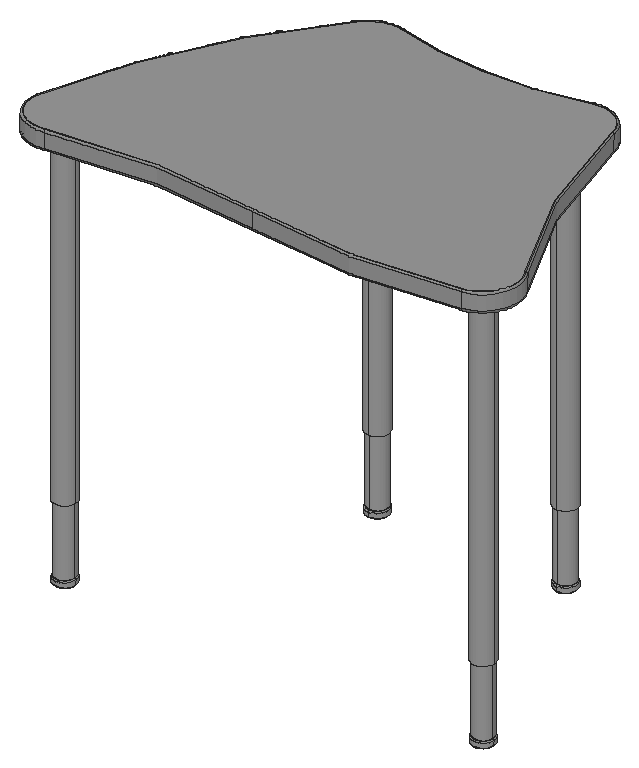
Revit family "Creator Octagonal Trapezoid Desk", category Generic Models, Revit 2018
Family settings
  Can host rebar = No
  Round Connector Dimension = Use Diameter
  Part Type = Normal
  Work Plane-Based = No
  Always vertical = Yes
  Cut with Voids When Loaded = No
  Shared = No
  Room Calculation Point = No
Parameters
  Surface = Creator Octagonal Trapezoid Desk Surface
  Leg Finish = Shapes Leg Platinum
  Edgeband = Creator Octagonal Trapezoid Desk Edgeband
  Desk Height = 2' - 3"
  Caster / Glide = Shapes Leg - Glide : Shapes Leg - Glide
Reference planes (in)
  plane 1 "Center (Front/Back)": y = 0
  plane 2: z = 0
  plane 3 "Center (Left/Right)": x = 0
  plane 4: z = 27
Dimensions and locks (in)
  "Desk Height": plane 4 to level
  aligned and locked: plane 2 to level
  aligned and locked: nested 5 to plane 4
Nested families (in)
  nested 1: "Shapes Leg - Glide" at (-6.17115, 8.65186, 0) x (0, 1, 0) z (0, 0, 1), Shapes Leg Finish <- "Leg Finish", Leg Height <- "Desk Height", type <- "Caster / Glide", type "Shapes Leg - Glide"
    with Shapes Leg Finish Shapes Leg Platinum, Leg Height 2' - 3"
  nested 2: "Shapes Leg - Glide" at (-14.27256, -7.28894, 0), Shapes Leg Finish <- "Leg Finish", Leg Height <- "Desk Height", type "Shapes Leg - Glide"
    with Shapes Leg Finish Shapes Leg Platinum, Leg Height 2' - 3"
  nested 3: "Shapes Leg - Glide" at (13.3973, -6.98424, 0), Shapes Leg Finish <- "Leg Finish", Leg Height <- "Desk Height", type "Shapes Leg - Glide"
    with Shapes Leg Finish Shapes Leg Platinum, Leg Height 2' - 3"
  nested 4: "Shapes Leg - Glide" at (6.44597, 8.57894, 0) x (0, 1, 0) z (0, 0, 1), Shapes Leg Finish <- "Leg Finish", Leg Height <- "Desk Height", type <- "Caster / Glide", type "Shapes Leg - Glide"
    with Shapes Leg Finish Shapes Leg Platinum, Leg Height 2' - 3"
  nested 5: "Creator Octagonal Trapezoid Desk Tabletop" at (0, 0, 13.97788), type "Creator Octagonal Trapezoid Desk Tabletop"
Definition of nested family "Shapes Leg - Glide"
  Parameters (values of type "Shapes Leg - Glide")
    Shapes Leg Finish [instance] = none
    Leg Height [instance] = 2' - 4 1/2"
  Reference planes (in)
    plane 1 "Center (Front/Back)": y = 0
    plane 2: z = 0
    plane 3 "Center (Left/Right)": x = 0
  Forms (in)
    Extrusion 1, solid
      sketch origin (-0.01562, 0, 0) x (1, 0, 0) y (0, 1, 0)
        loop
          circle (0.01563, 0) r 0.64906
      from 0.50586 to 20.17439
  Dimensions and locks (in)
    "Leg Height": nested 2 to level
    aligned and locked: plane 2 to level
  Automatic sketch dimensions
    plane 1 "Center (Front/Back)" to Extrusion 1 sketch curve = 0' - 0"
    Extrusion 1 sketch curve to plane 3 "Center (Left/Right)" = 0' - 0"
    radius of Extrusion 1 sketch curve = 0' - 0.64906"
  Nested families (in)
    nested 1: "Glider" at (0, 0, 0), type "Glider"
    nested 2: "Shapes Upper Leg" at (0, 0, 0), Shapes Leg Finish <- "Shapes Leg Finish", type "Shapes Upper Leg"
      with Shapes Leg Finish none
  Definition of nested family "Glider"
    Reference planes (in)
      plane 1 "Center (Front/Back)": y = 0
      plane 2: z = 0
      plane 3 "Center (Left/Right)": x = 0
    Forms (in)
      Revolve 1, solid
        sketch origin (0, 0, 0) x (1, 0, 0) y (0, 0, 1)
          loop
            line (0.26614, 0.50586) -> (0, 0.50586) -> (0, 0.09994) -> (0.71656, 0.09994) -> (0.71656, 0.37634)
            arc (0.71656, 0.37634) -> (0.70181, 0.41548) -> (0.66511, 0.43552) r 0.06011
            arc (0.66511, 0.43552) -> (0.46609, 0.45951) -> (0.26614, 0.47365) r 4.06535
            line (0.26614, 0.47365) -> (0.26614, 0.50586)
          axis (0, 0.50586) -> (0, 0.09994)
        angle from 0 to 360
      Revolve 2, solid
        sketch origin (0, 0, 0) x (1, 0, 0) y (0, 0, 1)
          loop
            line (0.65534, 0.1212) -> (0, 0.1212) -> (0, 0) -> (0.57593, 0)
            arc (0.57593, 0) -> (0.63208, 0.02326) -> (0.65534, 0.07941) r 0.07941
            line (0.65534, 0.07941) -> (0.65534, 0.1212)
          axis (0, 0.1212) -> (0, 0)
        angle from 0 to 360
    Dimensions and locks (in)
      aligned and locked: plane 2 to level
  Definition of nested family "Shapes Upper Leg"
    Parameters (values of type "Shapes Upper Leg")
      Shapes Leg Finish [instance] = none
    Reference planes (in)
      plane 1 "Center (Front/Back)": y = 0
      plane 2: z = 0
      plane 3 "Center (Left/Right)": x = 0
    Forms (in)
      Extrusion 1, solid, material <- "Shapes Leg Finish"
        sketch origin (0, 0, 0) x (1, 0, 0) y (0, 1, 0)
          loop
            circle (0, 0) r 0.75
        from 6.5 to 28.5
    Dimensions and locks (in)
      aligned and locked: plane 2 to level
Definition of nested family "Creator Octagonal Trapezoid Desk Tabletop"
  Parameters (values of type "Creator Hexagonal Trapezoid Desk Tabletop")
    Surface = none
    Edgeband = none
  Reference planes (in)
    plane 1 "Center (Front/Back)": y = 0
    plane 2: z = 0
    plane 3 "Center (Left/Right)": x = 0
  Forms (in)
    Extrusion 1, solid, material <- "Surface"
      sketch origin (0, 0, 0) x (1, 0, 0) y (0, 1, 0)
        loop
          arc (-5.91145, 10.36445) -> (-7.16878, 10.34189) -> (-8.21519, 9.64446) r 2.23655
          arc (-8.21519, 9.64446) -> (-13.25206, 1.87414) -> (-16.37514, -6.84335) r 40.15638
          arc (-16.37514, -6.84335) -> (-15.80546, -8.89623) -> (-13.77129, -9.52952) r 2.22538
          arc (-13.77129, -9.52952) -> (-6.85259, -8.80415) -> (0.08106, -9.36898) r 37.50697
          arc (0.08106, -9.36898) -> (6.94642, -9.93062) -> (13.7979, -9.21946) r 37.27653
          arc (13.7979, -9.21946) -> (15.42998, -7.89246) -> (15.25081, -5.79663) r 2.24865
          arc (15.25081, -5.79663) -> (11.67977, 1.13685) -> (9.50316, 8.62602) r 40.52121
          arc (9.50316, 8.62602) -> (8.4874, 10.11552) -> (6.70427, 10.3817) r 2.25084
          arc (6.70427, 10.3817) -> (3.38145, 9.72593) -> (0, 9.53365) r 24.55409
          arc (0, 9.53365) -> (-2.98222, 9.76051) -> (-5.91145, 10.36445) r 23.49085
      from 13.02212 to 14.27206
    Sweep 2, solid, material <- "Edgeband"
      path origin (0, 0, 0) x (1, 0, 0) y (0, 1, 0)
        loop
          arc (0, 9.53365) -> (-2.98222, 9.76051) -> (-5.91145, 10.36445) r 23.49085
          arc (-5.91145, 10.36445) -> (-7.16878, 10.34189) -> (-8.21519, 9.64446) r 2.23655
          arc (-8.21519, 9.64446) -> (-13.25206, 1.87414) -> (-16.37514, -6.84335) r 40.15638
          arc (-16.37514, -6.84335) -> (-15.80546, -8.89623) -> (-13.77129, -9.52952) r 2.22538
          arc (-13.77129, -9.52952) -> (-6.85259, -8.80415) -> (0.08106, -9.36898) r 37.50697
          arc (0.08106, -9.36898) -> (6.94642, -9.93062) -> (13.7979, -9.21946) r 37.27653
          arc (13.7979, -9.21946) -> (15.42998, -7.89246) -> (15.25081, -5.79663) r 2.24865
          arc (15.25081, -5.79663) -> (11.67977, 1.13685) -> (9.50316, 8.62602) r 40.52121
          arc (9.50316, 8.62602) -> (8.4874, 10.11552) -> (6.70427, 10.3817) r 2.25084
          arc (6.70427, 10.3817) -> (3.38145, 9.72593) -> (0, 9.53365) r 24.55409
      profile origin (-2.98222, 9.76051, 0) x (-0.139173, -0.990268, 0) y (0, 0, 1)
        loop
          line (0, 13.02218) -> (0, 14.27206)
          arc (0, 14.27206) -> (-0.08841, 14.23311) -> (-0.12472, 14.14358) r 0.12854
          line (-0.12472, 14.14358) -> (-0.12472, 13.15066)
          arc (-0.12472, 13.15066) -> (-0.08841, 13.06113) -> (0, 13.02218) r 0.12854
  Dimensions and locks (in)
    aligned and locked: plane 2 to level
